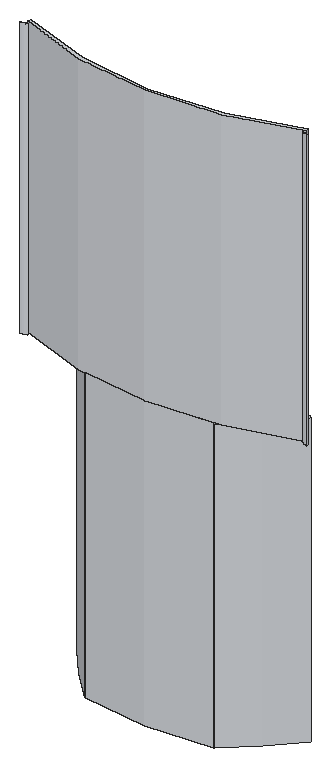
Revit family "Forte 8ft Tower Door Left & Right", category Furniture, Revit 2011
Parameters (values of type "Forte 16' Tower Door Left & Right")
  URL = "http://www.wengercorp.com/Home/Contact.html"
  Tower Label = Labels : 16ft
  Tower Height (16', 17', 18', 19', 20') = 16' - 0"
  Toekick Material [instance] = none
  RH End Panel [instance] = no
  Model = "60"
  Manufacturer = "Wenger Corporation"
  LH End Panel [instance] = no
  End Panel Material [instance] = none
  Edge Banding Material [instance] = none
  Door Material [instance] = none
  Description = "Standard 16' Forte Tower"
  Assembly Code = ""
Types (5): name | Tower Label | Tower Height (16', 17', 18', 19', 20') | Description
  Forte 16' Tower Door Left & Right | Labels : 16ft | 16' - 0" | "Standard 16' Forte Tower"
  Forte 17' Tower Door Left & Right | Labels : 17ft | 17' - 0" | "Standard 17ft Forte Tower"
  Forte 18' Tower Door Left & Right | Labels : 18ft | 18' - 0" | "Standard 18ft Forte Tower"
  Forte 19' Tower Door Left & Right | Labels : 19ft | 19' - 0" | "Standard 19ft Forte Tower"
  Forte 20' Tower Door Left & Right | Labels : 20ft | 20' - 0" | "Standard 20ft Forte Tower"
Reference planes (in)
  plane 1 "2D overlay plane": z = -15
  plane 2: z = 1.5
  plane 3: z = 0
  plane 4 "Panel Line": y = 788.05204
  plane 5 "Panel Line 8' h": z = 98.88281
  plane 6 "Panel Line 4' h": z = 52.3125
  plane 7 "Panel Line 12' h": z = 145.4375
  plane 8 "Panel Top 16'": z = 192
  plane 9 "Storage Panel Top": z = 32
  plane 10: x = 27.87036
  plane 11: x = 61.37707
  plane 12 "Storage Door Vertical": y = 779.68397
  plane 13: z = 192
  plane 14: z = 184
  plane 15: z = 182
  plane 16 "Door Inside Edge": x = 66.00548
  plane 17 "Door Top": z = 98.38281
Forms (in)
  Extrusion 1, solid
    sketch origin (0.01562, 0, 0.5) x (0, -1, 0) y (1, 0, 0)
      loop
        arc (-788.05204, -2.10568) -> (-778.50111, 44.60534) -> (-788.04976, 91.31682) r 119.01526
        line (-788.04976, 91.31682) -> (-788.96951, 90.92437)
        arc (-788.96951, 90.92437) -> (-779.50113, 44.60536) -> (-788.97177, -1.71318) r 118.01559
        line (-788.97177, -1.71318) -> (-788.05204, -2.10568)
    from 98.38281 to 191.5
  Extrusion 2, solid
    sketch origin (0, 0, 5.75) x (0, -1, 0) y (1, 0, 0)
      loop
        line (-814.48958, 31.889) -> (-814.48958, 57.32749) -> (-818.48958, 57.32749) -> (-818.48958, 31.889) -> (-814.48958, 31.889)
    from 0 to 4
  Extrusion 3, solid
    sketch origin (0, 0, 5.75) x (0, -1, 0) y (1, 0, 0)
      loop
        line (-818.48958, 34.09243) -> (-817.35949, 34.09243)
        arc (-817.35949, 34.09243) -> (-816.48449, 34.96743) -> (-815.60949, 34.09243) r 0.875
        line (-815.60949, 34.09243) -> (-814.48958, 34.09243) -> (-814.48958, 55.13162) -> (-815.61411, 55.13162)
        arc (-815.61411, 55.13162) -> (-816.48092, 54.26481) -> (-817.34773, 55.13162) r 0.86681
        line (-817.34773, 55.13162) -> (-818.48958, 55.13162) -> (-818.48958, 34.09243)
    from 4 to 12
  Extrusion 4, solid
    sketch origin (0, 0, 5.75) x (0, -1, 0) y (1, 0, 0)
      loop
        line (-785.88036, 27.28815) -> (-814.48958, 33.36922) -> (-814.48958, 31.889) -> (-785.88036, 25.80792) -> (-785.88036, 27.28815)
    from 0 to 4
  Extrusion 5, solid
    sketch origin (0, 0, 5.75) x (0, -1, 0) y (1, 0, 0)
      loop
        line (-785.88036, 61.92834) -> (-785.88036, 63.40828) -> (-814.48958, 57.32749) -> (-814.48958, 55.84726) -> (-785.88036, 61.92834)
    from 0 to 4
  Extrusion 6, solid
    sketch origin (0, 0.03125, 9.75) x (0, -1, 0) y (1, 0, 0)
      loop
        line (-816.8385, 55.7981) -> (-817.21612, 55.14405) -> (-816.8385, 54.48999) -> (-816.08326, 54.48999) -> (-815.70564, 55.14405) -> (-816.08326, 55.7981) -> (-816.8385, 55.7981)
    from 0 to 15.75
  Extrusion 7, solid
    sketch origin (-21.04546, 0.03125, 9.75) x (0, -1, 0) y (1, 0, 0)
      loop
        line (-816.8385, 55.7981) -> (-817.21612, 55.14405) -> (-816.8385, 54.48999) -> (-816.08326, 54.48999) -> (-815.70564, 55.14405) -> (-816.08326, 55.7981) -> (-816.8385, 55.7981)
    from 0 to 15.75
  Extrusion 8, solid
    sketch origin (-179.68383, 21.84325, 0.375) x (0.207912, 0.978148, 0) y (0, 0, 1)
      loop
        line (809.23958, 9.75) -> (790.11821, 24.15899) -> (790.11821, 22.65899) -> (807.73168, 9.38628) -> (809.72225, 9.38628) -> (809.23958, 9.75)
    from 42.27597 to 43.44341
  Extrusion 9, solid
    sketch origin (0, 0, 5.75) x (0, -1, 0) y (1, 0, 0)
      loop
        line (-781.2366, 24.8363) -> (-780.88935, 26.80566) -> (-785.55916, 27.62907) -> (-785.88028, 25.8079) -> (-781.2366, 24.8363)
    from 4 to 178.25
  Extrusion 10, solid
    sketch origin (268.90783, 21.84325, 0.375) x (-0.207912, 0.978148, 0) y (0, 0, -1)
      loop
        line (809.23958, -9.75) -> (809.72225, -9.38628) -> (807.73168, -9.38628) -> (790.11821, -22.65899) -> (790.11821, -24.15899) -> (809.23958, -9.75)
    from 42.27597 to 43.44341
  Extrusion 11, solid
    sketch origin (89.22399, 0, 5.75) x (0, -1, 0) y (1, 0, 0)
      loop
        line (-781.22862, -24.83463) -> (-785.88028, -25.8079) -> (-785.55916, -27.62907) -> (-780.88132, -26.80424) -> (-781.22862, -24.83463)
    from 4 to 178.25
  Extrusion 12, solid
    sketch origin (0, 0, 182) x (0, -1, 0) y (1, 0, 0)
      loop
        line (-785.55916, 27.62907) -> (-780.88132, 26.80424)
        arc (-780.88132, 26.80424) -> (-779.50188, 44.612) -> (-780.88132, 62.41975) r 115.63339
        line (-780.88132, 62.41975) -> (-785.55916, 61.59492) -> (-785.55916, 27.62907)
    from 0 to 2
  Extrusion 13, solid
    sketch origin (0, 0, 36) x (0, -1, 0) y (1, 0, 0)
      loop
        line (-785.55916, 27.62907) -> (-780.88132, 26.80424)
        arc (-780.88132, 26.80424) -> (-779.50188, 44.612) -> (-780.88132, 62.41975) r 115.63339
        line (-780.88132, 62.41975) -> (-785.55916, 61.59492) -> (-785.55916, 27.62907)
    from 0 to 2
  Extrusion 14, solid
    sketch origin (0, 0, 2.75) x (0, -1, 0) y (1, 0, 0)
      loop
        line (-785.89434, 25.81085) -> (-781.17172, 24.82261) -> (-780.7542, 27.79342) -> (-785.89434, 28.88599) -> (-785.89434, 25.81085)
    from 1.25 to 7
  Extrusion 15, solid
    sketch origin (89.22399, 0, 2.75) x (0, -1, 0) y (1, 0, 0)
      loop
        line (-785.89434, -25.81085) -> (-785.89434, -28.88599) -> (-780.7542, -27.79342) -> (-781.17172, -24.82261) -> (-785.89434, -25.81085)
    from 1.25 to 7
  Extrusion 16, solid
    sketch origin (-21.04546, 0.03125, 2.75) x (0, -1, 0) y (1, 0, 0)
      loop
        line (-816.8385, 55.7981) -> (-817.21612, 55.14405) -> (-816.8385, 54.48999) -> (-816.08326, 54.48999) -> (-815.70564, 55.14405) -> (-816.08326, 55.7981) -> (-816.8385, 55.7981)
    from 1.25 to 3
  Extrusion 17, solid
    sketch origin (0, 0.03125, 2.75) x (0, -1, 0) y (1, 0, 0)
      loop
        line (-816.8385, 55.7981) -> (-817.21612, 55.14405) -> (-816.8385, 54.48999) -> (-816.08326, 54.48999) -> (-815.70564, 55.14405) -> (-816.08326, 55.7981) -> (-816.8385, 55.7981)
    from 1.25 to 3
  Extrusion 18, solid
    sketch origin (0, 0, 0) x (0, -1, 0) y (1, 0, 0)
      loop
        line (-786.56615, -3.38412) -> (-786.4804, -3.38412)
        arc (-786.4804, -3.38412) -> (-786.61683, -2.34784) -> (-787.01681, -1.38218) r 4.00387
        line (-787.01681, -1.38218) -> (-787.09455, -1.45992)
        arc (-787.09455, -1.45992) -> (-786.70856, -2.38857) -> (-786.56615, -3.38412) r 4.00387
    from 98.88281 to 192
  Extrusion 19, solid
    sketch origin (89.22399, 0, 0) x (0, -1, 0) y (1, 0, 0)
      loop
        arc (-786.56615, 3.38412) -> (-786.70856, 2.38857) -> (-787.09455, 1.45992) r 4.00387
        line (-787.09455, 1.45992) -> (-787.01681, 1.38218)
        arc (-787.01681, 1.38218) -> (-786.61683, 2.34784) -> (-786.4804, 3.38412) r 4.00387
        line (-786.4804, 3.38412) -> (-786.56615, 3.38412)
    from 98.88281 to 192
  Extrusion 20, solid
    sketch origin (33.39227, 0, 0) x (0, 1, 0) y (0, 0, 1)
      loop
        line (814.49213, 2) -> (815.07791, 0.58579) -> (816.49213, 0) -> (817.90634, 0.58579) -> (818.49213, 2) -> (817.90634, 3.41421) -> (816.49213, 4) -> (815.07791, 3.41421) -> (814.49213, 2)
    from 0 to 1.5
  Extrusion 21, solid
    sketch origin (26.13887, -33.13714, 0) x (0, 1, 0) y (0, 0, 1)
      loop
        line (814.49213, 2) -> (815.07791, 0.58579) -> (816.49213, 0) -> (817.90634, 0.58579) -> (818.49213, 2) -> (817.90634, 3.41421) -> (816.49213, 4) -> (815.07791, 3.41421) -> (814.49213, 2)
    from 0 to 1.5
  Extrusion 22, solid
    sketch origin (55.83172, 0, 0) x (0, 1, 0) y (0, 0, -1)
      loop
        line (814.49213, -2) -> (815.07791, -3.41421) -> (816.49213, -4) -> (817.90634, -3.41421) -> (818.49213, -2) -> (817.90634, -0.58579) -> (816.49213, 0) -> (815.07791, -0.58579) -> (814.49213, -2)
    from 0 to 1.5
  Extrusion 23, solid
    sketch origin (63.08513, -33.13714, 0) x (0, 1, 0) y (0, 0, -1)
      loop
        line (814.49213, -2) -> (815.07791, -3.41421) -> (816.49213, -4) -> (817.90634, -3.41421) -> (818.49213, -2) -> (817.90634, -0.58579) -> (816.49213, 0) -> (815.07791, -0.58579) -> (814.49213, -2)
    from 0 to 1.5
  Extrusion 24, solid
    sketch origin (-436.32594, 179.02177, -15) x (0.819152, -0.573576, 0) y (0.573576, 0.819152, 0)
      loop
        line (65.8048, 781.47643) -> (66.77625, 781.23914)
        arc (66.77625, 781.23914) -> (69.17266, 793.57646) -> (70.26111, 806.09714) r 119.59156
        line (70.26111, 806.09714) -> (69.26249, 806.14051)
        arc (69.26249, 806.14051) -> (68.18321, 793.7174) -> (65.8048, 781.47643) r 118.53593
    from 16.5 to 113.38281
  Extrusion 25, solid
    sketch origin (525.54242, 179.02177, -15) x (-0.819152, -0.573576, 0) y (0.573576, -0.819152, 0)
      loop
        arc (65.8048, -781.47643) -> (68.18321, -793.7174) -> (69.26249, -806.14051) r 118.53593
        line (69.26249, -806.14051) -> (70.26111, -806.09714)
        arc (70.26111, -806.09714) -> (69.17266, -793.57646) -> (66.77625, -781.23914) r 119.59156
        line (66.77625, -781.23914) -> (65.8048, -781.47643)
    from 16.5 to 113.38281
  Extrusion 26, solid
    sketch origin (0, 0, -15) x (1, 0, 0) y (0, 1, 0)
      loop
        line (23.40182, 781.4257) -> (23.21101, 780.44407)
        arc (23.21101, 780.44407) -> (44.60825, 778.50111) -> (66.00548, 780.44407) r 118.79219
        line (66.00548, 780.44407) -> (65.81468, 781.4257)
        arc (65.81468, 781.4257) -> (44.60825, 779.50351) -> (23.40182, 781.4257) r 117.94058
    from 16.5 to 113.88281
Lines and regions (in)
  model lines
    curve 1: arc (-2.06469, 788.04775, 98.88281) -> (44.60824, 778.25543, 98.88281) -> (91.28118, 788.04775, 98.88281) r 116.12428
    curve 2: arc (-2.10568, 788.05204, 145.4375) -> (44.60824, 778.25111, 145.4375) -> (91.32217, 788.05204, 145.4375) r 116.22625
    curve 3: line (27.87032, 779.68397, 31.99997) -> (27.87032, 779.68397, 1.49997)
    curve 4: line (61.37701, 779.68397, 31.99982) -> (61.37701, 779.68397, 1.49982)
    curve 5: arc (27.87036, 779.68391, 32) -> (44.62371, 778.50105, 32) -> (61.37707, 779.68391, 32) r 119.23416
    curve 6: arc (-2.10568, 788.05204, 192) -> (44.60824, 778.50111, 192) -> (91.32217, 788.05204, 192) r 119.01523
    curve 7: arc (23.21101, 780.42845, 52.3125) -> (44.60825, 778.48549, 52.3125) -> (66.00548, 780.42845, 52.3125) r 118.79219
Dimensions and locks (in)
  Extrusion 1 to plane 7 "Panel Line 12' h" = 3' - 10 9/16"
  plane 7 "Panel Line 12' h" to plane 5 "Panel Line 8' h" = 3' - 10 71/128"
  plane 5 "Panel Line 8' h" to plane 6 "Panel Line 4' h" = 3' - 10 73/128"
  "Tower Height (16', 17', 18', 19', 20')": plane 8 "Panel Top 16'" to level
  plane 9 "Storage Panel Top" to level = 2' - 8"
  locked: plane 14 to plane 8 "Panel Top 16'" at 8
  locked: plane 15 to plane 14 at 2
  aligned and locked: plane 8 "Panel Top 16'" to Extrusion 1
  aligned and locked: Extrusion 1 to Extrusion 18
  aligned and locked: Extrusion 19 to Extrusion 1
  aligned and locked: Extrusion 9 to Extrusion 11
  aligned and locked: Extrusion 9 to Extrusion 12
  aligned and locked: Extrusion 12 to Extrusion 11
  aligned and locked: Extrusion 12 to plane 15
  aligned and locked: plane 14 to Extrusion 9
Automatic sketch dimensions
  plane 11 to Extrusion 1 sketch curve = 1' - 4.7532"
  plane 4 "Panel Line" to Extrusion 1 sketch curve = 9' - 1.46468"
  Extrusion 1 sketch curve to Extrusion 1 sketch curve = 0' - 0.00034"
  plane 4 "Panel Line" to Extrusion 1 sketch curve = 0' - 0.91974"
  plane 4 "Panel Line" to Extrusion 1 sketch curve = 0' - 0.91748"
  Extrusion 1 sketch curve to plane 4 "Panel Line" = 0' - 0"
  Extrusion 1 sketch curve to plane 4 "Panel Line" = 0' - 0.00228"
  plane 10 to Extrusion 1 sketch curve = 2' - 5.56792"
  Extrusion 1 sketch curve to Extrusion 1 sketch curve = 0' - 0.3925"
  Extrusion 1 sketch curve to Extrusion 1 sketch curve = 0' - 0"
  Extrusion 2 sketch curve to plane 10 = 0' - 4.01863"
  plane 4 "Panel Line" to Extrusion 2 sketch curve = 2' - 6.43754"
  Extrusion 2 sketch curve to Extrusion 2 sketch curve = 0' - 4"
  plane 11 to Extrusion 2 sketch curve = 0' - 4.04958"
  Extrusion 3 sketch curve to plane 10 = 0' - 6.22207"
  plane 4 "Panel Line" to Extrusion 3 sketch curve = 2' - 6.43754"
  Extrusion 3 sketch curve to Extrusion 3 sketch curve = 0' - 1.13009"
  Extrusion 3 sketch curve to Extrusion 3 sketch curve = 0' - 1.14185"
  Extrusion 3 sketch curve to Extrusion 3 sketch curve = 0' - 0 7/8"
  Extrusion 3 sketch curve to Extrusion 3 sketch curve = 0' - 0.86681"
  Extrusion 3 sketch curve to Extrusion 3 sketch curve = 0' - 1.11991"
  plane 11 to Extrusion 3 sketch curve = 0' - 6.24545"
  Extrusion 4 sketch curve to plane 10 = 0' - 4.01863"
  plane 4 "Panel Line" to Extrusion 4 sketch curve = 2' - 2.43754"
  plane 10 to Extrusion 4 sketch curve = 0' - 0.58222"
  Extrusion 4 sketch curve to plane 4 "Panel Line" = 0' - 2.17167"
  Extrusion 4 sketch curve to Extrusion 4 sketch curve = 0' - 1.48023"  (x2)
  plane 11 to Extrusion 5 sketch curve = 0' - 4.04958"
  plane 4 "Panel Line" to Extrusion 5 sketch curve = 2' - 2.43754"
  Extrusion 5 sketch curve to plane 11 = 0' - 0.55127"
  Extrusion 5 sketch curve to plane 4 "Panel Line" = 0' - 2.17167"
  Extrusion 5 sketch curve to Extrusion 5 sketch curve = 0' - 1.48023"
  Extrusion 5 sketch curve to Extrusion 5 sketch curve = 0' - 1.47994"
  plane 11 to Extrusion 6 sketch curve = 0' - 6.23302"  (x2)
  plane 4 "Panel Line" to Extrusion 6 sketch curve = 2' - 5.19533"
  plane 11 to Extrusion 6 sketch curve = 0' - 5.57896"
  Extrusion 6 sketch curve to Extrusion 6 sketch curve = 0' - 0.37762"  (x3)
  plane 11 to Extrusion 6 sketch curve = 0' - 6.88708"
  Extrusion 6 sketch curve to Extrusion 6 sketch curve = 0' - 0.75524"  (x2)
  Extrusion 7 sketch curve to plane 10 = 0' - 6.22822"  (x2)
  plane 4 "Panel Line" to Extrusion 7 sketch curve = 2' - 5.19533"
  Extrusion 7 sketch curve to plane 10 = 0' - 6.88228"
  Extrusion 7 sketch curve to Extrusion 7 sketch curve = 0' - 0.37762"  (x3)
  Extrusion 7 sketch curve to plane 10 = 0' - 5.57416"
  Extrusion 7 sketch curve to Extrusion 7 sketch curve = 0' - 0.75524"  (x2)
  Extrusion 8 sketch curve to plane 9 "Storage Panel Top" = 0' - 7.46601"
  plane 2 to Extrusion 8 sketch curve = 0' - 8.26128"
  Extrusion 8 sketch curve to Extrusion 8 sketch curve = 1' - 5.61348"
  plane 2 to Extrusion 8 sketch curve = 0' - 8 5/8"
  Extrusion 8 sketch curve to Extrusion 8 sketch curve = 0' - 1.5079"
  Extrusion 8 sketch curve to Extrusion 8 sketch curve = 0' - 0.48267"
  Extrusion 8 sketch curve to Extrusion 8 sketch curve = 0' - 1 1/2"
  Extrusion 9 sketch curve to plane 4 "Panel Line" = 0' - 2.17176"
  plane 10 to Extrusion 9 sketch curve = 0' - 0.24129"
  Extrusion 9 sketch curve to Extrusion 9 sketch curve = 0' - 0.32112"
  plane 12 "Storage Door Vertical" to Extrusion 9 sketch curve = 0' - 1.55263"
  plane 10 to Extrusion 9 sketch curve = 0' - 1.0647"
  Extrusion 9 sketch curve to Extrusion 9 sketch curve = 0' - 0.34725"
  Extrusion 10 sketch curve to plane 9 "Storage Panel Top" = 0' - 7.46601"
  plane 2 to Extrusion 10 sketch curve = 0' - 8.26128"
  Extrusion 10 sketch curve to Extrusion 10 sketch curve = 1' - 5.61348"
  plane 2 to Extrusion 10 sketch curve = 0' - 8 5/8"
  Extrusion 10 sketch curve to Extrusion 10 sketch curve = 0' - 1.5079"
  Extrusion 10 sketch curve to Extrusion 10 sketch curve = 0' - 0.48267"
  Extrusion 10 sketch curve to Extrusion 10 sketch curve = 0' - 1 1/2"
  Extrusion 11 sketch curve to plane 4 "Panel Line" = 0' - 2.17176"
  Extrusion 11 sketch curve to plane 11 = 0' - 0.21785"
  Extrusion 11 sketch curve to Extrusion 11 sketch curve = 0' - 0.32112"
  plane 12 "Storage Door Vertical" to Extrusion 11 sketch curve = 0' - 1.54465"
  Extrusion 11 sketch curve to plane 11 = 0' - 1.04268"
  Extrusion 11 sketch curve to Extrusion 11 sketch curve = 0' - 0.3473"
  Extrusion 12 sketch curve to plane 10 = 1' - 4.74163"
  plane 4 "Panel Line" to Extrusion 12 sketch curve = 8' - 11.08324"
  Extrusion 12 sketch curve to plane 11 = 0' - 0.21785"
  Extrusion 12 sketch curve to plane 4 "Panel Line" = 0' - 2.49288"
  plane 12 "Storage Door Vertical" to Extrusion 12 sketch curve = 0' - 1.19735"
  Extrusion 12 sketch curve to plane 11 = 0' - 1.04268"
  Extrusion 12 sketch curve to Extrusion 12 sketch curve = 0' - 4.67784"
  plane 10 to Extrusion 12 sketch curve = 0' - 0.24129"
  Extrusion 13 sketch curve to plane 10 = 1' - 4.74163"
  plane 4 "Panel Line" to Extrusion 13 sketch curve = 8' - 11.08324"
  Extrusion 13 sketch curve to plane 11 = 0' - 0.21785"
  Extrusion 13 sketch curve to plane 4 "Panel Line" = 0' - 2.49288"
  plane 12 "Storage Door Vertical" to Extrusion 13 sketch curve = 0' - 1.19735"
  Extrusion 13 sketch curve to plane 11 = 0' - 1.04268"
  Extrusion 13 sketch curve to Extrusion 13 sketch curve = 0' - 4.67784"
  plane 10 to Extrusion 13 sketch curve = 0' - 0.24129"
  Extrusion 14 sketch curve to plane 10 = 0' - 1 1/64"
  Extrusion 14 sketch curve to plane 4 "Panel Line" = 0' - 2.15769"
  plane 12 "Storage Door Vertical" to Extrusion 14 sketch curve = 0' - 1.48775"
  plane 10 to Extrusion 14 sketch curve = 0' - 0.07695"
  plane 12 "Storage Door Vertical" to Extrusion 14 sketch curve = 0' - 1.07023"
  plane 10 to Extrusion 14 sketch curve = 0' - 2.05952"
  Extrusion 14 sketch curve to Extrusion 14 sketch curve = 0' - 2.9708"
  plane 11 to Extrusion 15 sketch curve = 0' - 1 5/128"
  Extrusion 15 sketch curve to plane 4 "Panel Line" = 0' - 2.15769"
  plane 12 "Storage Door Vertical" to Extrusion 15 sketch curve = 0' - 1.48775"
  Extrusion 15 sketch curve to plane 11 = 0' - 0.05351"
  plane 12 "Storage Door Vertical" to Extrusion 15 sketch curve = 0' - 1.07023"
  Extrusion 15 sketch curve to plane 11 = 0' - 2.03608"
  Extrusion 15 sketch curve to plane 16 "Door Inside Edge" = 0' - 1.6041"
  Extrusion 16 sketch curve to plane 10 = 0' - 6.22822"  (x2)
  plane 4 "Panel Line" to Extrusion 16 sketch curve = 2' - 5.19533"
  Extrusion 16 sketch curve to plane 10 = 0' - 6.88228"
  Extrusion 16 sketch curve to Extrusion 16 sketch curve = 0' - 0.37762"  (x3)
  Extrusion 16 sketch curve to plane 10 = 0' - 5.57416"
  Extrusion 16 sketch curve to Extrusion 16 sketch curve = 0' - 0.75524"  (x2)
  plane 11 to Extrusion 17 sketch curve = 0' - 6.23302"  (x2)
  plane 4 "Panel Line" to Extrusion 17 sketch curve = 2' - 5.19533"
  plane 11 to Extrusion 17 sketch curve = 0' - 5.57896"
  Extrusion 17 sketch curve to Extrusion 17 sketch curve = 0' - 0.37762"  (x3)
  plane 11 to Extrusion 17 sketch curve = 0' - 6.88708"
  Extrusion 17 sketch curve to Extrusion 17 sketch curve = 0' - 0.75524"  (x2)
  plane 4 "Panel Line" to Extrusion 18 sketch curve = 0' - 2.51747"
  Extrusion 18 sketch curve to Extrusion 18 sketch curve = 0' - 0.08523"
  Extrusion 18 sketch curve to plane 4 "Panel Line" = 0' - 0.95748"
  Extrusion 18 sketch curve to Extrusion 18 sketch curve = 0' - 0.07774"
  Extrusion 18 sketch curve to plane 4 "Panel Line" = 0' - 1.48588"
  Extrusion 18 sketch curve to Extrusion 18 sketch curve = 0' - 0.08575"
  plane 10 to Extrusion 18 sketch curve = 2' - 7.31919"
  Extrusion 18 sketch curve to Extrusion 18 sketch curve = 0' - 0.0647"
  plane 4 "Panel Line" to Extrusion 19 sketch curve = 0' - 2.51747"
  Extrusion 19 sketch curve to Extrusion 19 sketch curve = 0' - 0.08523"
  Extrusion 19 sketch curve to plane 4 "Panel Line" = 0' - 0.95748"
  Extrusion 19 sketch curve to Extrusion 19 sketch curve = 0' - 0.07774"  (x2)
  Extrusion 19 sketch curve to plane 4 "Panel Line" = 0' - 1.48588"
  Extrusion 19 sketch curve to Extrusion 19 sketch curve = 0' - 0.08575"
  plane 16 "Door Inside Edge" to Extrusion 19 sketch curve = 2' - 0.60069"
  level to Extrusion 20 sketch curve = 0' - 0"
  plane 2 to Extrusion 20 sketch curve = 0' - 0 1/2"  (x2)
  plane 4 "Panel Line" to Extrusion 20 sketch curve = 2' - 2.44009"
  level to Extrusion 20 sketch curve = 0' - 0.58579"  (x2)
  Extrusion 20 sketch curve to Extrusion 20 sketch curve = 0' - 0.58579"  (x3)
  plane 2 to Extrusion 20 sketch curve = 0' - 1.91421"  (x2)
  Extrusion 20 sketch curve to Extrusion 20 sketch curve = 0' - 1.41421"  (x4)
  plane 2 to Extrusion 20 sketch curve = 0' - 2 1/2"
  level to Extrusion 21 sketch curve = 0' - 0"
  plane 2 to Extrusion 21 sketch curve = 0' - 0 1/2"  (x2)
  plane 12 "Storage Door Vertical" to Extrusion 21 sketch curve = 0' - 1.67101"
  level to Extrusion 21 sketch curve = 0' - 0.58579"  (x2)
  Extrusion 21 sketch curve to Extrusion 21 sketch curve = 0' - 0.58579"  (x4)
  Extrusion 21 sketch curve to Extrusion 21 sketch curve = 0' - 1.41421"  (x6)
  Extrusion 22 sketch curve to level = 0' - 0"
  plane 2 to Extrusion 22 sketch curve = 0' - 0 1/2"  (x2)
  plane 4 "Panel Line" to Extrusion 22 sketch curve = 2' - 2.44009"
  level to Extrusion 22 sketch curve = 0' - 0.58579"  (x2)
  Extrusion 22 sketch curve to Extrusion 22 sketch curve = 0' - 0.58579"  (x3)
  plane 2 to Extrusion 22 sketch curve = 0' - 1.91421"  (x2)
  Extrusion 22 sketch curve to Extrusion 22 sketch curve = 0' - 1.41421"  (x4)
  plane 2 to Extrusion 22 sketch curve = 0' - 2 1/2"
  Extrusion 23 sketch curve to level = 0' - 0"
  plane 2 to Extrusion 23 sketch curve = 0' - 0 1/2"  (x2)
  plane 12 "Storage Door Vertical" to Extrusion 23 sketch curve = 0' - 1.67101"
  level to Extrusion 23 sketch curve = 0' - 0.58579"  (x2)
  Extrusion 23 sketch curve to Extrusion 23 sketch curve = 0' - 0.58579"  (x4)
  Extrusion 23 sketch curve to Extrusion 23 sketch curve = 0' - 1.41421"  (x6)
  curve 1 to plane 4 "Panel Line" = 0' - 0.00428"  (x2)
  plane 16 "Door Inside Edge" to curve 1 = 2' - 1.2757"
  curve 1 to plane 10 = 1' - 4.73788"
  plane 4 "Panel Line" to curve 1 = 8' - 10.32767"
  curve 2 to plane 4 "Panel Line" = 0' - 0"  (x2)
  plane 16 "Door Inside Edge" to curve 2 = 2' - 1.31668"
  curve 2 to plane 10 = 1' - 4.73788"
  plane 4 "Panel Line" to curve 2 = 8' - 10.42533"
  curve 4 to plane 9 "Storage Panel Top" = 0' - 0.00018"
  plane 11 to curve 4 = 0' - 0.00006"
  curve 3 to plane 2 = 0' - 0.00003"
  plane 10 to curve 3 = 0' - 0.00005"
  curve 4 to plane 2 = 0' - 0.00018"
  curve 3 to plane 9 "Storage Panel Top" = 0' - 0.00003"
  curve 5 to plane 11 = 0' - 0"
  curve 5 to plane 10 = 0' - 0"
  curve 5 to plane 12 "Storage Door Vertical" = 0' - 0.00006"  (x2)
  plane 4 "Panel Line" to curve 5 = 9' - 1.68317"
  curve 6 to plane 4 "Panel Line" = 0' - 0"  (x2)
  plane 16 "Door Inside Edge" to curve 6 = 2' - 1.31668"
  curve 6 to plane 10 = 1' - 4.73788"
  plane 4 "Panel Line" to curve 6 = 9' - 1.46431"
  plane 10 to Extrusion 24 sketch curve = 3' - 3.84834"
  plane 4 "Panel Line" to Extrusion 24 sketch curve = 6' - 10.88492"
  Extrusion 24 sketch curve to Extrusion 24 sketch curve = 0' - 0.05596"
  Extrusion 24 sketch curve to Extrusion 24 sketch curve = 9' - 7.00959"
  Extrusion 24 sketch curve to Extrusion 24 sketch curve = 0' - 0.97144"
  Extrusion 24 sketch curve to Extrusion 24 sketch curve = 0' - 3.45769"
  Extrusion 24 sketch curve to Extrusion 24 sketch curve = 0' - 0.99861"
  Extrusion 24 sketch curve to Extrusion 24 sketch curve = 0' - 0.00556"
  Extrusion 24 sketch curve to Extrusion 24 sketch curve = 0' - 4.03366"
  Extrusion 24 sketch curve to Extrusion 24 sketch curve = 0' - 0.04337"
  Extrusion 25 sketch curve to plane 16 "Door Inside Edge" = 2' - 11.18898"
  Extrusion 25 sketch curve to plane 4 "Panel Line" = 6' - 10.88492"
  Extrusion 25 sketch curve to Extrusion 25 sketch curve = 0' - 0.05596"
  Extrusion 25 sketch curve to Extrusion 25 sketch curve = 9' - 7.00959"
  Extrusion 25 sketch curve to Extrusion 25 sketch curve = 0' - 0.97144"
  Extrusion 25 sketch curve to Extrusion 25 sketch curve = 0' - 3.45769"
  Extrusion 25 sketch curve to Extrusion 25 sketch curve = 0' - 0.99861"
  Extrusion 25 sketch curve to Extrusion 25 sketch curve = 0' - 0.00556"
  Extrusion 25 sketch curve to Extrusion 25 sketch curve = 0' - 4.03366"
  Extrusion 25 sketch curve to Extrusion 25 sketch curve = 0' - 0.04337"
  Extrusion 26 sketch curve to plane 16 "Door Inside Edge" = 0' - 0"
  Extrusion 26 sketch curve to plane 16 "Door Inside Edge" = 0' - 0.19081"
  Extrusion 26 sketch curve to plane 10 = 1' - 4.73789"
  Extrusion 26 sketch curve to Extrusion 26 sketch curve = 0' - 0"
  plane 12 "Storage Door Vertical" to Extrusion 26 sketch curve = 0' - 1.74173"
  plane 10 to Extrusion 26 sketch curve = 0' - 4.46854"
  Extrusion 26 sketch curve to Extrusion 26 sketch curve = 0' - 0.19081"
  plane 12 "Storage Door Vertical" to Extrusion 26 sketch curve = 0' - 0.7601"
  plane 4 "Panel Line" to Extrusion 26 sketch curve = 9' - 1.24127"
  Extrusion 26 sketch curve to Extrusion 26 sketch curve = 0' - 0.15079"
  curve 7 to plane 16 "Door Inside Edge" = 0' - 0"
  curve 7 to plane 10 = 1' - 4.73789"
  plane 12 "Storage Door Vertical" to curve 7 = 0' - 0.74448"
  plane 10 to curve 7 = 0' - 4.65935"
  plane 4 "Panel Line" to curve 7 = 9' - 1.22564"
Nested families (in)
  nested 1: "Labels" at (44.56262, 798.81006, 0), type <- "Tower Label", type "16ft"
Definition of nested family "Labels"
  Parameters (values of type "Standard")
    Cabinet Label = "01"
  Types (4): name | Cabinet Label
    Standard | "01"
    Narrow | "01N"
    Narrow Acoustic | "01NA"
    Acoustic | "01A"
  Reference planes (in)
    plane 1: y = 0
    plane 2: x = 0
  Text (in)
    label "xxxx" at (-0.00018, 0.00754, 0), shows "Cabinet Label"
